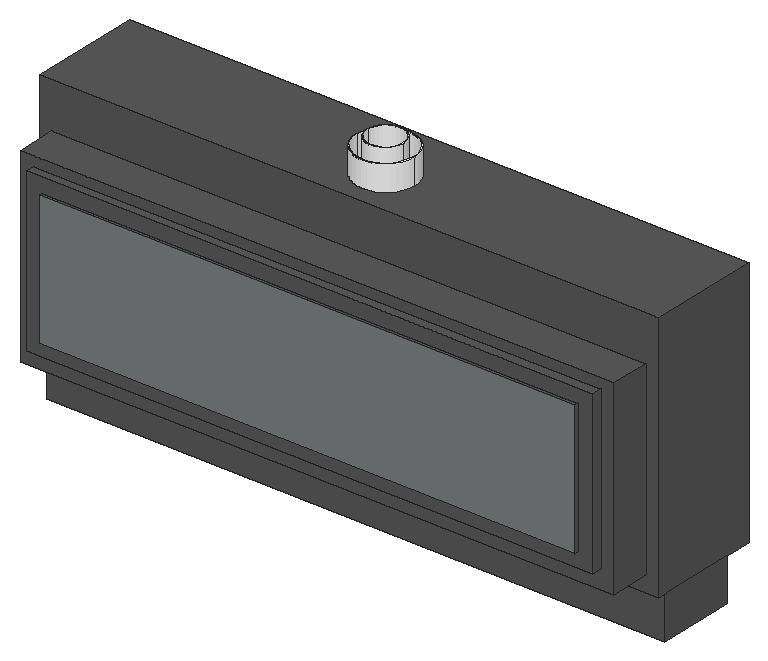
Revit family "RP620", category Generic Models, Revit 2019
Family settings
  Can host rebar = No
  Round Connector Dimension = Use Diameter
  Part Type = Normal
  Work Plane-Based = No
  Always vertical = Yes
  Cut with Voids When Loaded = No
  Shared = No
  Room Calculation Point = No
Parameters
  Width = 12 5/16"
  URL = "https://www.montigo.com/"
  Model = ""
  Manufacturer Fax = ""
  Manufacturer Website = "https://www.montigo.com/"
  Manufacturer Phone - Toll Free = "800-378-3115"
  Manufacturer Phone = ""
  Manufacturer Address = "27342 Gloucester Way  Langley, BC, Canada   V4W 4A1"
  Manufacturer = "Montigo"
  Length = 53 7/16"
  Keynote = ""
  Glazing Tint = Glass - Montigo - Tint as Specified
  Frame Material = Metal - Montigo - Black
  Firebox Material = Metal - Montigo - White
  Fire Place Length = 50 5/16"
  Fire Place Height = 24 1/2"
  Fire Place - Opening = 16 9/16"
  Description = "Montigo Fireplace as Specified"
  Base Height = 6 9/16"
Reference planes (in)
  plane 1 "Center (Front/Back)": y = 0
  plane 2: z = 0
  plane 3 "Center (Left/Right)": x = 0
  plane 4: x = -42.344
  plane 5: x = 42.344
Forms (in)
  Extrusion 1, solid, material "Metal - Montigo - Black" <- "Frame Material"
    sketch origin (0, 0, 0) x (1, 0, 0) y (0, 1, 0)
      loop
        line (-42.344, 7.7973) -> (-42.344, -7.5527) -> (42.344, -7.5527) -> (42.344, 7.7973) -> (-42.344, 7.7973)
    from 40.2315 to 5.875
  Extrusion 2, solid, material "Metal - Montigo - Black" <- "Frame Material"
    sketch origin (0, 0, 0) x (1, 0, 0) y (0, 1, 0)
      loop
        line (-42.344, 4.1695) -> (-42.344, -6.40942) -> (42.344, -6.40942) -> (42.344, 4.1695) -> (-42.344, 4.1695)
    from 5.875 to 0
  Extrusion 3, solid, material "Metal - Montigo - Black" <- "Frame Material"
    sketch origin (0, 0, 0) x (1, 0, 0) y (0, 1, 0)
      loop
        line (-40.626, -7.5527) -> (-40.626, -13.0067) -> (40.626, -13.0067) -> (40.626, -7.5527) -> (-40.626, -7.5527)
    from 33.974 to 8.059
  Extrusion 4, solid, material "Metal - Montigo - Black" <- "Frame Material"
    sketch origin (0, -5.435, 0) x (1, 0, 0) y (0, 1, 0)
      loop
        line (-38.782, -7.5717) -> (-38.782, -8.8262) -> (38.779, -8.8262) -> (38.779, -7.5717) -> (-38.782, -7.5717)
    from 32.63053 to 10.56853
  Extrusion 5, solid, material "Metal - Montigo - Black" <- "Frame Material"
    sketch origin (0, -6.6895, 0) x (1, 0, 0) y (0, 1, 0)
      loop
        line (-36.625, -7.5717) -> (-36.625, -8.0147) -> (36.625, -8.0147) -> (36.625, -7.5717) -> (-36.625, -7.5717)
    from 30.66053 to 12.429
Dimensions and locks (in)
  Extrusion 1 to Extrusion 1 to level = 34.3565", 5 7/8"
  Extrusion 1 to level = 40.2315"
  Extrusion 1 to Extrusion 1 = 84.688"
  equal spacing: plane 4, plane 3 "Center (Left/Right)", plane 5
  plane 4 to plane 5 = 84.688"
  aligned and locked: level to plane 2
  aligned and locked: plane 3 "Center (Left/Right)" to nested 1
  aligned and locked: plane 3 "Center (Left/Right)" to nested 2
Automatic sketch dimensions
  Extrusion 1 sketch curve to plane 4 = 0"
  plane 5 to Extrusion 1 sketch curve = 0"
  plane 1 "Center (Front/Back)" to Extrusion 1 sketch curve = 7.5527"
  Extrusion 1 sketch curve to plane 1 "Center (Front/Back)" = 7.7973"
  Extrusion 2 sketch curve to plane 4 = 0"
  plane 5 to Extrusion 2 sketch curve = 0"
  plane 1 "Center (Front/Back)" to Extrusion 2 sketch curve = 6.40942"
  Extrusion 2 sketch curve to plane 1 "Center (Front/Back)" = 4.1695"
  plane 4 to Extrusion 3 sketch curve = 1.718"
  plane 5 to Extrusion 3 sketch curve = 1.718"
  plane 1 "Center (Front/Back)" to Extrusion 3 sketch curve = 13.0067"
  Extrusion 3 sketch curve to Extrusion 3 sketch curve = 5.454"
  plane 4 to Extrusion 4 sketch curve = 3.562"
  plane 5 to Extrusion 4 sketch curve = 3.565"
  plane 1 "Center (Front/Back)" to Extrusion 4 sketch curve = 14.2612"
  Extrusion 4 sketch curve to Extrusion 4 sketch curve = 1.2545"
  plane 4 to Extrusion 5 sketch curve = 5.719"
  plane 5 to Extrusion 5 sketch curve = 5.719"
  plane 1 "Center (Front/Back)" to Extrusion 5 sketch curve = 14.7042"
  Extrusion 5 sketch curve to Extrusion 5 sketch curve = 0.443"
Nested families (in)
  nested 1: "Duct Dia" at (0, -1.3315, 40.2315), type "5""
    with Intake Duct Dia 5", Intake Diameter 4 7/8", Height 4 5/8"
  nested 2: "Duct Dia" at (0, -1.3315, 40.2315), type "8""
    with Intake Duct Dia 8", Intake Diameter 7 7/8", Height 3 1/2"
Connectors (in)
  hvac at (0, -1.3315, 44.8565)
    settings: on nested 1, index 1, duct flow 0.0 L/s, flow factor 0, pres drop 0.0 Pa, loss coef 0, conn angle 0.00°, conn width 304.8 mm, conn height 304.8 mm, conn diameter 127 mm, duct sys type 1, conn prof type 0, flow config 0, flow direction 0, loss method 0, conn ref index -1, conn util no, is conn primary yes, conn desc ""
  hvac at (0, -1.3315, 43.7315)
    settings: on nested 2, index 2, duct flow 0.0 L/s, flow factor 0, pres drop 0.0 Pa, loss coef 0, conn angle 0.00°, conn width 304.8 mm, conn height 304.8 mm, conn diameter 203.2 mm, duct sys type 1, conn prof type 0, flow config 0, flow direction 0, loss method 0, conn ref index -1, conn util no, is conn primary no, conn desc ""
Definition of nested family "Duct Dia"
  Parameters (values of type "15 7/8" Dia.")
    Intake Duct Dia = 15 7/8"
    Intake Diameter = Intake Duct Dia - 1/8"  # 15 3/4"
    Height = 4"
    Firebox Material = none
    Default Elevation = 48"
  Types (12): name | Intake Duct Dia | Intake Diameter | Height
    9 7/8" Dia. | 9 7/8" | 9 3/4" | 4"
    7 7/8" Dia | 7 7/8" | 7 3/4" | 4"
    8 1/8" Dia | 8 1/8" | 8" | 1/4"
    11 3/4" Dia | 11 3/4" | 11 5/8" | 4"
    4" Dia | 10" | 9 7/8" | 4"
    7 3/4" Dia | 7 3/4" | 7 5/8" | 4"
    6 7/8" Dia | 6 7/8" | 6 3/4" | 1/4"
    9 3/4" Dia. | 9 3/4" | 9 5/8" | 4"
    7 1/8" Dia | 7 1/8" | 7" | 1/4"
    11 7/8" Dia. | 11 7/8" | 11 3/4" | 4"
    13 7/8" Dia. | 13 7/8" | 13 3/4" | 4"
    15 7/8" Dia. | 15 7/8" | 15 3/4" | 4"
  Reference planes (in)
    plane 1 "Center (Front/Back)": y = 0
    plane 2: z = 0
    plane 3 "Center (Left/Right)": x = 0
    plane 4: z = 4
  Forms (in)
    Extrusion 1, solid
      sketch origin (0, 0, 0) x (1, 0, 0) y (0, 1, 0)
        loop
          line (-48, 48) -> (-48, -48) -> (48, -48) -> (48, 48) -> (-48, 48)
      from 0 to -12
    Extrusion 2, solid, material <- "Firebox Material"
      sketch origin (0, 0, 0) x (1, 0, 0) y (0, 1, 0)
        loop
          circle (0, 0) r 7.9375
        loop
          circle (0, 0) r 7.875
      from 0 to 4
  Dimensions and locks (in)
    "Height": plane 4 to level
    "Intake Duct Dia": diameter of Extrusion 2 sketch curve
    "Intake Diameter": diameter of Extrusion 2 sketch curve
    aligned and locked: plane 2 to Extrusion 1
    aligned and locked: level to Extrusion 1
    aligned and locked: plane 4 to Extrusion 2
  Automatic sketch dimensions
    Extrusion 1 sketch curve to Extrusion 1 sketch curve = 96"  (x2)
    Extrusion 2 sketch curve to Extrusion 2 sketch curve = 0"  (x2)
    plane 1 "Center (Front/Back)" to Extrusion 2 sketch curve = 0"
    Extrusion 2 sketch curve to plane 3 "Center (Left/Right)" = 0"
